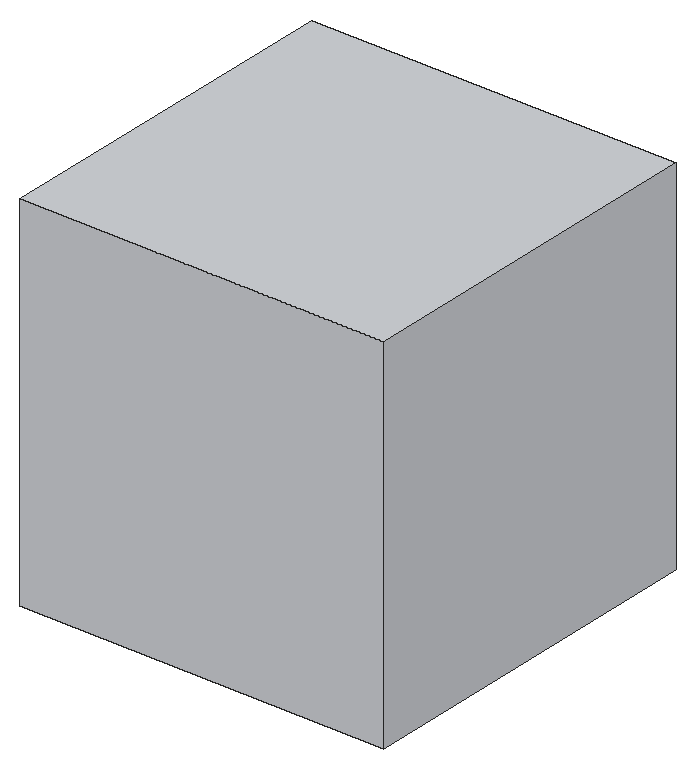
Revit family "SBR - PRIMA ESERCITAZIONE ", category Modelli generici, Revit 2019
Family settings
  Può ospitare armatura = No
  Quota connettore circolare = Usa diametro
  Tipo di parte = Normale
  Basato su piano di lavoro = No
  Sempre verticale = Sì
  Taglio con vuoti quando caricato = No
  Condiviso = No
  Punto di calcolo locali = No
Parameters
  profondità [instance] = 300 mm
  larghezza [instance] = 300 mm
  altezza [instance] = 300 mm
Reference planes
  plane 1 "Centro (Fronte/Retro)": y = 0
  plane 2: z = 0
  plane 3 "Centro (Sinistra/Destra)": x = 0
  plane 4: y = 300
  plane 5: x = 300
  plane 6: z = 300
Forms (mm)
  Extrusion 1, solid
    sketch origin (0, 0, 0) x (1, 0, 0) y (0, 1, 0)
      loop
        line (0, 300) -> (0, 0) -> (300, 0) -> (300, 300) -> (0, 300)
    from 0 to 300
Dimensions and locks
  "profondità": plane 1 "Centro (Fronte/Retro)" to plane 4
  "larghezza": plane 3 "Centro (Sinistra/Destra)" to plane 5
  "altezza": plane 6 to level
  aligned and locked: level to plane 2
  aligned and locked: plane 6 to Extrusion 1
  aligned and locked: plane 4 to Extrusion 1
  aligned and locked: Extrusion 1 to plane 5
  aligned and locked: plane 1 "Centro (Fronte/Retro)" to Extrusion 1
  aligned and locked: Extrusion 1 to plane 3 "Centro (Sinistra/Destra)"
Automatic sketch dimensions
  Extrusion 1 sketch curve to plane 3 "Centro (Sinistra/Destra)" = 0 mm
  Extrusion 1 sketch curve to plane 5 = 0 mm
  plane 1 "Centro (Fronte/Retro)" to Extrusion 1 sketch curve = 0 mm
  plane 4 to Extrusion 1 sketch curve = 0 mm
